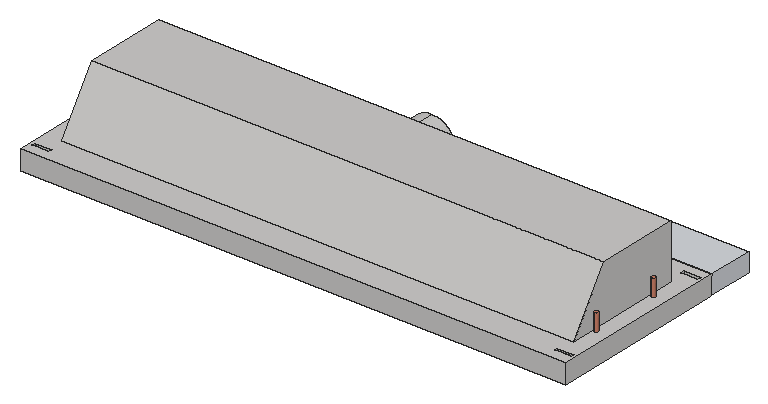
Revit family "HVAC-Chilled_Beam-Dadanco-ACB50-AC", category Mechanical Equipment, Revit 2018
Family settings
  Round Connector Dimension = Use Diameter
  Part Type = Normal
  OmniClass Number = 23.75.70.17.31
  OmniClass Title = Induction Units
  Work Plane-Based = No
  Always vertical = Yes
  Cut with Voids When Loaded = No
  Shared = No
  Room Calculation Point = No
Parameters (values of type "6' Nominal Length")
  Zone Name [instance] = ""
  Zone ID [instance] = ""
  Unit Width = 3' - 0"  # constant formula
  Unit Weight = if(Nominal Unit Length = 2' 0", "41 lb", if(Nominal Unit Length = 4' 0", "82 lb", if(Nominal Unit Length = 6' 0", "115 lb", if(Nominal Unit Length = 8' 0", "146 lb", if(Nominal Unit Length = 10' 0", "183 lb", "0 lb")))))  # "115 lb"
  Unit Tag [instance] = ""
  Unit Height = 0' - 9 3/4"  # constant formula
  Total Cooling Capacity = 0.0 Btu/h
  Supply Air Front [instance] = not(Supply Air Back)  # no
  Supply Air Back [instance] = yes
  Supply Air = 0 CFM
  Sound Level dBA = ""
  Sound Level NC = ""
  Secondary Air Sensible Heating = 0.0 Btu/h
  Secondary Air Sensible Cooling = 0.0 Btu/h
  SHHW Temperature = 0 °F
  SHHW Pressure Drop [instance] = HWPD  # 0 Pa
  SHHW Flow [instance] = HWF  # 0 GPM
  SCHW Temperature = 0 °F
  SCHW Pressure Drop [instance] = CWPD  # 0 Pa
  SCHW Flow [instance] = CWF  # 0 GPM
  Primary Air Static Pressure [instance] = PASP  # 0.00 in-wg
  Primary Air Inlet Top [instance] = not(Primary Air Inlet Back)  # no
  Primary Air Inlet Size = 0' - 6"
  Primary Air Inlet Back [instance] = yes
  Primary Air Flow Rate [instance] = PA  # 0 CFM
  PASP = 0.00 in-wg
  PA = 0 CFM
  Origin1 = Nominal Unit Length / 2  # 3' - 0"
  Nozzle Configuration = ""
  Nominal Unit Length = 6' - 0"
  Net Unit Heating Sensible = 0.0 Btu/h
  Net Unit Cooling Sensible = 0.0 Btu/h
  Model Number = ""
  Unit Length = Nominal Unit Length  # 6' - 0"
  URL = "http://www.dadanco.com/"
  Type Comments = "2-way Discharge Horizontal Coil"
  SHHW Temp Out = 0 °F
  SCHW Temp Out = 0 °F
  Product Page URL = "http://www.activechilledbeam.com/efficient_air_conditioning.asp"
  Latent Cooling = 0.0 Btu/h
  Keynote = "23 37 00.A1"
  Heating Supply Air Temperature = 0 °F
  Heating Room Dry Bulb = 0 °F
  Heating Primary Air Dry Bulb = 0 °F
  HWPD = 0 Pa
  HWF = 0 GPM
  Front Back Air Inlet [instance] = or(Primary Air Inlet Top, Primary Air Inlet Back)  # yes
  Pipe Material = Metal-Dadanco-Copper-Satin
  Pipe Coil Outlet = "2 Pipe Coi, 0.5 inch SWT Stub Coil Connection"
  Pipe Coil Inlet = "2 Pipe Coi, 0.5 inch SWT Stub Coil Connection"
  Documentation Link = "http://www.dadanco.com/ACB/air_conditioning_literature.asp?productLineID=30"
  Cooling Supply Air Temperature = 0 °F
  Cooling Room Relative Humidity = 0
  Cooling Room Dry Bulb = 0 °F
  Cooling Primary Air Wet Bulb = 0 °F
  Cooling Primary Air Dry Bulb = 0 °F
  Coil Connection Right [instance] = yes
  Coil Connection Left [instance] = not(Coil Connection Right)  # no
  Revision Date = "07/19/2010"  # constant formula
  Model = "ACB40"  # constant formula
  Manufacturer = "Dadanco"  # constant formula
  Housing Material = Metal-Dadanco-Steel-Galvanized
  Description = "Active Chilled Beam"  # constant formula
  CWPD = 0 Pa
  CWF = 0 GPM
  Architectural Design Manual = "http://www.activechilledbeam.com/efficient_air_conditioning.asp"
  4 Pipe Coil Configuration Right [instance] = and([4 Pipe Coil Configuration], Coil Connection Right)  # no
  4 Pipe Coil Configuration Left [instance] = and([4 Pipe Coil Configuration], Coil Connection Left)  # no
  4 Pipe Coil Configuration = if([2 or 4 pipe] = 4, 1 = 1, 1 = 0)  # no
  2 or 4 pipe = 2
  2 Pipe Coil Configuration = if([2 or 4 pipe] = 2, 1 = 1, 1 = 0)  # yes
  Assembly Code = "D3040100"
Types (6): name | Unit Weight | Primary Air Inlet Top | Primary Air Inlet Back | Origin1 | Nominal Unit Length | Unit Length
  (no name) | "115 lb" | no | yes | 3' - 0" | 6' - 0" | 6' - 0"
  4' Nominal Length | "82 lb" | yes | no | 2' - 0" | 4' - 0" | 4' - 0"
  2' Nominal Length | "41 lb" | yes | no | 1' - 0" | 2' - 0" | 2' - 0"
  6' Nominal Length | "115 lb" | no | yes | 3' - 0" | 6' - 0" | 6' - 0"
  8' Nominal Length | "146 lb" | no | yes | 4' - 0" | 8' - 0" | 8' - 0"
  10' Nominal Length | "183 lb" | no | yes | 5' - 0" | 10' - 0" | 10' - 0"
Reference planes (in)
  plane 1 "Center (Front/Back)": y = 0.77127
  plane 2 "Top Face of Plenum": z = 9.75
  plane 3 "Center (Left/Right)": x = 0.55581
  plane 4 "Right End": x = 36.55581
  plane 5 "Bottom Face": z = 0
  plane 6 "Left End": x = -35.44419
  plane 7: y = -11.10373
  plane 8: z = 6.111
  plane 9: x = -33.48019
  plane 10: x = 34.59181
  plane 11: y = 5.45827
  plane 12: y = 2.64627
  plane 13: y = -1.10373
  plane 14: y = -3.91573
  plane 15: z = 5.047
Forms (in)
  Extrusion 1, solid, material "Metal-Dadanco-Steel-Galvanized" <- "Housing Material"
    sketch origin (0.55581, 0, 0) x (0, 1, 0) y (0, 0, 1)
      loop
        line (12.64627, 0) -> (13.02127, 0) -> (13.02127, 2.511) -> (9.02127, 2.511) -> (9.02127, 9.761) -> (-1.97873, 9.761) -> (-6.99196, 2.511) -> (-10.99196, 2.511) -> (-10.99196, 0) -> (12.64627, 0)
    from -36 to 36
  Extrusion 2, solid, material "Metal-Dadanco-Steel-Galvanized", visible <- "Primary Air Inlet Back", detail levels medium+fine
    sketch origin (0.55581, 9.02127, 2.511) x (0, 0, 1) y (1, 0, 0)
      loop
        circle (3.719, 0) r 3
    from 0 to 2.83
  Extrusion 3, void
    sketch origin (36.55581, 0, 0) x (0, -1, 0) y (0, 0, 1)
      loop
        line (6.99196, 9.761) -> (-9.02127, 9.761) -> (-9.02127, 2.511) -> (6.99196, 2.511) -> (6.99196, 9.761)
    from 0 to 2.27344
  Extrusion 4, void
    sketch origin (-35.44419, 0, 0) x (0, 1, 0) y (0, 0, 1)
      loop
        line (9.02127, 9.761) -> (-6.99196, 9.761) -> (-6.99196, 2.511) -> (9.02127, 2.511) -> (9.02127, 9.761)
    from 0 to 2.27344
  Extrusion 5, solid, material "Metal-Dadanco-Copper-Satin" <- "Pipe Material", visible <- "Coil Connection Left", detail levels medium+fine
    sketch origin (0.45581, 13.58377, 2.511) x (0, -1, 0) y (1, 0, 0)
      loop
        circle (7.841, -34.036) r 0.25
    from 0 to 2.14844
  Extrusion 6, solid, material "Metal-Dadanco-Copper-Satin" <- "Pipe Material", visible <- "4 Pipe Coil Configuration Left", detail levels medium+fine
    sketch origin (0.45581, 13.24627, 2.511) x (0, -1, 0) y (1, 0, 0)
      loop
        circle (10.653, -34.036) r 0.25
    from 0 to 2.14844
  Extrusion 7, solid, material "Metal-Dadanco-Copper-Satin" <- "Pipe Material", visible <- "4 Pipe Coil Configuration Left", detail levels medium+fine
    sketch origin (0.45581, 13.24627, 2.511) x (0, -1, 0) y (1, 0, 0)
      loop
        circle (14.403, -34.036) r 0.25
    from 0 to 2.14844
  Extrusion 8, solid, material "Metal-Dadanco-Copper-Satin" <- "Pipe Material", visible <- "Coil Connection Left", detail levels medium+fine
    sketch origin (0.45581, 13.54627, 2.511) x (0, -1, 0) y (1, 0, 0)
      loop
        circle (17.215, -34.036) r 0.25
    from 0 to 2.14844
  Extrusion 9, solid, material "Metal-Dadanco-Copper-Satin" <- "Pipe Material", visible <- "Coil Connection Right", detail levels medium+fine
    sketch origin (0.68081, 13.48127, 2.511) x (0, -1, 0) y (1, 0, 0)
      loop
        circle (7.74827, 34.01152) r 0.25
    from 0 to 2.14844
  Extrusion 10, solid, material "Metal-Dadanco-Copper-Satin" <- "Pipe Material", visible <- "4 Pipe Coil Configuration Right", detail levels medium+fine
    sketch origin (0.65581, 13.24002, 2.511) x (0, -1, 0) y (1, 0, 0)
      loop
        circle (10.653, 34.036) r 0.25
    from 0 to 2.14844
  Extrusion 11, solid, material "Metal-Dadanco-Copper-Satin" <- "Pipe Material", visible <- "4 Pipe Coil Configuration Right", detail levels medium+fine
    sketch origin (0.65581, 13.23127, 2.511) x (0, -1, 0) y (1, 0, 0)
      loop
        circle (14.403, 34.036) r 0.25
    from 0 to 2.14844
  Extrusion 12, solid, material "Metal-Dadanco-Copper-Satin" <- "Pipe Material", visible <- "Coil Connection Right", detail levels medium+fine
    sketch origin (0.65581, 13.55127, 2.511) x (0, -1, 0) y (1, 0, 0)
      loop
        circle (17.215, 34.036) r 0.25
    from 0 to 2.14844
  Extrusion 13, solid, material "Metal-Dadanco-Steel-Galvanized", visible <- "Primary Air Inlet Top", detail levels medium+fine
    sketch origin (0.55581, 11.77377, 9.761) x (0, -1, 0) y (1, 0, 0)
      loop
        circle (8.25, 0) r 3
    from 0 to 3.30078
  Extrusion 14, void
    sketch origin (1.63581, 20.91927, 2.511) x (1, 0, 0) y (0, -1, 0)
      loop
        line (34.5, 30.528) -> (32.25, 30.528) -> (32.25, 30.088) -> (34.5, 30.088) -> (34.5, 30.528)
    from 0 to 2.14844
  Extrusion 15, void
    sketch origin (1.63581, 41.07627, 2.511) x (1, 0, 0) y (0, -1, 0)
      loop
        line (34.5, 29.875) -> (32.25, 29.875) -> (32.25, 29.435) -> (34.5, 29.435) -> (34.5, 29.875)
    from 0 to 2.14844
  Extrusion 16, void
    sketch origin (-91.27419, 41.07627, 2.511) x (1, 0, 0) y (0, -1, 0)
      loop
        line (58.5, 29.875) -> (56.25, 29.875) -> (56.25, 29.435) -> (58.5, 29.435) -> (58.5, 29.875)
    from 0 to 2.14844
  Extrusion 17, void
    sketch origin (-91.27419, 20.26627, 2.511) x (1, 0, 0) y (0, -1, 0)
      loop
        line (58.5, 29.875) -> (56.25, 29.875) -> (56.25, 29.435) -> (58.5, 29.435) -> (58.5, 29.875)
    from 0 to 2.14844
  Extrusion 18, solid, material "Metal-Dadanco-Steel-Galvanized" <- "Housing Material", visible <- "Supply Air Front"
    sketch origin (-35.44419, 29.0104, 48) x (0, 1, 0) y (0, 0, 1)
      loop
        line (-39.99788, -45.48836) -> (-45.99788, -45.48836) -> (-45.99788, -47.98836) -> (-39.99788, -47.98836) -> (-39.99788, -45.48836)
    from 0 to 72 <- "Unit Length"
  Extrusion 19, solid, visible <- "Supply Air Back"
    sketch origin (-35.44419, 29.0104, 48) x (0, 1, 0) y (0, 0, 1)
      loop
        line (-15.99788, -45.47596) -> (-15.99788, -47.97596) -> (-9.99788, -47.97596) -> (-9.99788, -45.47596) -> (-15.99788, -45.47596)
    from 0 to 72 <- "Unit Length"
Cuts and joins
  Extrusion 3, Extrusion 4, Extrusion 14, Extrusion 15, Extrusion 16, Extrusion 17 cuts Extrusion 1
Lines and regions (in)
  symbolic lines, detail levels medium+fine
    curve 1: line (-35.44419, 10.49127, 4.95212) -> (36.55581, 10.49127, 4.95212)
    curve 2: line (-35.44419, -8.82373, 4.95212) -> (36.55581, -8.82373, 4.95212)
  model lines, detail levels medium+fine
    curve 3: line (-35.44419, -5.35623, 0) -> (36.55581, -5.35623, 0)
    curve 4: line (-35.44419, 7.02377, 0) -> (36.55581, 7.02377, 0)
  symbolic lines, not visible, detail levels medium+fine
    curve 5: arc (0.43081, -5.48123, 7.73) -> (0.55581, -5.48123, 7.855) -> (0.68081, -5.48123, 7.73) r 0.125
    curve 6: arc (0.68081, -5.48123, 7.73) -> (0.55581, -5.48123, 7.605) -> (0.43081, -5.48123, 7.73) r 0.125
  symbolic lines, detail levels fine
    curve 7: line (-35.44419, 7.95719, 4.13) -> (36.55581, 7.95719, 4.13)
    curve 8: line (-35.44419, -6.28965, 4.13) -> (36.55581, -6.28965, 4.13)
Dimensions and locks (in)
  equal spacing: plane 6 "Left End", plane 3 "Center (Left/Right)", plane 4 "Right End"
  "Unit Length": plane 6 "Left End" to plane 4 "Right End"
  "Unit Height": plane 2 "Top Face of Plenum" to plane 5 "Bottom Face"
  Extrusion 2 to Extrusion 2 = 0' - 2.83"
  plane 7 to plane 1 "Center (Front/Back)" = 0' - 11 7/8"
  plane 5 "Bottom Face" to plane 8 = 0' - 6.111"
  locked: plane 3 "Center (Left/Right)" to Extrusion 2 sketch curve at 0
  locked: plane 1 "Center (Front/Back)" to plane 11 at 4.687
  locked: plane 1 "Center (Front/Back)" to plane 12 at 1.875
  locked: plane 13 to plane 1 "Center (Front/Back)" at 1.875
  locked: plane 14 to plane 1 "Center (Front/Back)" at 4.687
  locked: plane 6 "Left End" to plane 9 at 1.964
  locked: plane 10 to plane 4 "Right End" at 1.964
  plane 1 "Center (Front/Back)" to Extrusion 13 sketch curve = 0' - 2.7525"
  locked: Extrusion 13 sketch curve to plane 3 "Center (Left/Right)" at 0
  aligned and locked: plane 5 "Bottom Face" to level
  aligned and locked: Extrusion 1 to plane 6 "Left End"
  aligned and locked: Extrusion 1 to plane 4 "Right End"
  aligned and locked: Extrusion 3 sketch curve to cut or joined group of Extrusion 1, Extrusion 3, Extrusion 4, Extrusion 14, Extrusion 15, Extrusion 16, Extrusion 17
  aligned and locked: Extrusion 4 sketch curve to cut or joined group of Extrusion 1, Extrusion 3, Extrusion 4, Extrusion 14, Extrusion 15, Extrusion 16, Extrusion 17  (x2)
Automatic sketch dimensions
  curve 3 to plane 14 = 0' - 1.4405"
  curve 4 to plane 11 = 0' - 1.5655"
  curve 1 to plane 4 "Right End" = 0' - 0"
  curve 1 to plane 6 "Left End" = 0' - 0"
  curve 2 to plane 4 "Right End" = 0' - 0"
  curve 2 to plane 6 "Left End" = 0' - 0"
  plane 11 to curve 1 = 0' - 5.033"
  plane 7 to curve 2 = 0' - 2.28"
  curve 5 to curve 6 = 0' - 0"  (x2)
  curve 6 to plane 3 "Center (Left/Right)" = 0' - 0"
  curve 6 to plane 2 "Top Face of Plenum" = 0' - 2.02"
  plane 3 "Center (Left/Right)" to curve 5 = 0' - 0 1/8"
  Extrusion 2 sketch curve to Extrusion 1 = 0' - 3.531"
  curve 7 to plane 4 "Right End" = 0' - 0"
  curve 7 to plane 6 "Left End" = 0' - 0"
  curve 8 to plane 4 "Right End" = 0' - 0"
  curve 8 to plane 6 "Left End" = 0' - 0"
  plane 11 to curve 7 = 0' - 2.49892"
  plane 14 to curve 8 = 0' - 2.37392"
  Extrusion 14 sketch curve to Extrusion 14 sketch curve = 0' - 0.44"
  Extrusion 15 sketch curve to plane 10 = 0' - 0.706"
  plane 4 "Right End" to Extrusion 15 sketch curve = 0' - 0.42"
  plane 11 to Extrusion 15 sketch curve = 0' - 5.743"
  Extrusion 15 sketch curve to Extrusion 15 sketch curve = 0' - 0.44"
  plane 6 "Left End" to Extrusion 16 sketch curve = 0' - 0.42"
  plane 9 to Extrusion 16 sketch curve = 0' - 0.706"
  plane 11 to Extrusion 16 sketch curve = 0' - 5.743"
  Extrusion 16 sketch curve to Extrusion 16 sketch curve = 0' - 0.44"
  Extrusion 17 sketch curve to plane 9 = 0' - 1.544"
  plane 9 to Extrusion 17 sketch curve = 0' - 0.706"
  Extrusion 17 sketch curve to plane 11 = 1' - 3.067"
  Extrusion 17 sketch curve to Extrusion 17 sketch curve = 0' - 0.44"
  Extrusion 3 sketch curve to Extrusion 1 = 0' - 0"
  Extrusion 1 to Extrusion 3 sketch curve = 0' - 0"  (x2)
  Extrusion 5 sketch curve to plane 9 = 0' - 0.1"
  plane 11 to Extrusion 5 sketch curve = 0' - 0.2845"
  Extrusion 6 sketch curve to plane 9 = 0' - 0.1"
  plane 12 to Extrusion 6 sketch curve = 0' - 0.053"
  Extrusion 7 sketch curve to plane 9 = 0' - 0.1"
  plane 13 to Extrusion 7 sketch curve = 0' - 0.053"
  Extrusion 8 sketch curve to plane 9 = 0' - 0.1"
  Extrusion 8 sketch curve to plane 14 = 0' - 0.247"
  plane 10 to Extrusion 9 sketch curve = 0' - 0.10052"
  plane 11 to Extrusion 9 sketch curve = 0' - 0.27473"
  plane 10 to Extrusion 10 sketch curve = 0' - 0.1"
  plane 12 to Extrusion 10 sketch curve = 0' - 0.05925"
  plane 10 to Extrusion 11 sketch curve = 0' - 0.1"
  plane 13 to Extrusion 11 sketch curve = 0' - 0.068"
  plane 10 to Extrusion 12 sketch curve = 0' - 0.1"
  Extrusion 12 sketch curve to plane 14 = 0' - 0.252"
  Extrusion 14 sketch curve to plane 10 = 0' - 0.706"
  plane 4 "Right End" to Extrusion 14 sketch curve = 0' - 0.42"
  plane 7 to Extrusion 14 sketch curve = 0' - 1.495"
  curve 3 to plane 4 "Right End" = 0' - 0"
  curve 4 to plane 4 "Right End" = 0' - 0"
  curve 4 to plane 6 "Left End" = 0' - 0"
  curve 3 to plane 6 "Left End" = 0' - 0"
  Extrusion 19 sketch curve to plane 15 = 0' - 2.52296"
  plane 11 to Extrusion 19 sketch curve = 0' - 7.55425"
  level to Extrusion 19 sketch curve = 0' - 0.02404"
  Extrusion 19 sketch curve to Extrusion 19 sketch curve = 0' - 6"
  level to Extrusion 18 sketch curve = 0' - 2.51164"
  Extrusion 18 sketch curve to plane 7 = 0' - 5.88375"
  level to Extrusion 18 sketch curve = 0' - 0.01164"
  plane 7 to Extrusion 18 sketch curve = 0' - 0.11625"
  Extrusion 1 to Extrusion 4 sketch curve = 0' - 0"
  Extrusion 4 sketch curve to Extrusion 1 = 0' - 0"
  level to Extrusion 1 sketch curve = 0' - 0"
  plane 7 to Extrusion 1 sketch curve = 0' - 0.11177"
  plane 14 to Extrusion 1 sketch curve = 0' - 3.07623"
  plane 11 to Extrusion 1 sketch curve = 0' - 3.563"
  Extrusion 1 sketch curve to Extrusion 1 sketch curve = 0' - 3 5/8"
  Extrusion 1 sketch curve to Extrusion 1 sketch curve = 0' - 0 3/8"
  Extrusion 1 sketch curve to Extrusion 1 sketch curve = 0' - 2.511"  (x2)
  plane 2 "Top Face of Plenum" to Extrusion 1 sketch curve = 0' - 0.011"
  plane 13 to Extrusion 1 sketch curve = 0' - 0 7/8"
  radius of Extrusion 2 sketch curve = 0' - 3"
  radius of Extrusion 5 sketch curve = 0' - 0 1/4"
  radius of Extrusion 6 sketch curve = 0' - 0 1/4"
  radius of Extrusion 7 sketch curve = 0' - 0 1/4"
  radius of Extrusion 8 sketch curve = 0' - 0 1/4"
  radius of Extrusion 9 sketch curve = 0' - 0 1/4"
  radius of Extrusion 10 sketch curve = 0' - 0 1/4"
  radius of Extrusion 11 sketch curve = 0' - 0 1/4"
  radius of Extrusion 12 sketch curve = 0' - 0 1/4"
  radius of Extrusion 13 sketch curve = 0' - 3"
Connectors (in)
  hvac at (0.55581, 11.85127, 6.23), driven by "Primary Air Flow Rate", driven by "Primary Air Static Pressure", driven by "Primary Air Inlet Size"
    settings: on Extrusion 2, index 3, duct flow 0 CFM, flow factor 0, pres drop 0.00 in-wg, loss coef 0, conn angle 0.00°, conn width 7 215/256", conn height 2 41/64", conn diameter 6", duct sys type 1, conn prof type 0, flow config 1, flow direction 1, loss method 4, conn ref index -1, conn util no, is conn primary yes, conn desc "Primary Air Inlet Back (E)"
  piping at (34.69181, -3.66373, 4.65944), diameter 0.5, driven by "SCHW Flow"
    settings: on Extrusion 12, index 13, connector inside diameter 24", connector length 0' - 0", flow factor 0, pipe flow 0 GPM, pressure drop 0 Pa, fitting loss kfactor 0, connector angle 0.00°, fixture units 0, engagement length 0' - 0", angle of deflection 0.00°, flow configuration 1, flow direction 1, fitting loss method 0, system type 7, joint type 0, gender type 0, connector reference index -1, connector utility 0, adjustable connector no, is connector primary yes, connector description "SCHW Supply Right"
  piping at (34.69181, -1.17173, 4.65944), diameter 0.5, driven by "SHHW Flow"
    settings: on Extrusion 11, index 14, connector inside diameter 24", connector length 0' - 0", flow factor 0, pipe flow 0 GPM, pressure drop 0 Pa, fitting loss kfactor 0, connector angle 0.00°, fixture units 0, engagement length 0' - 0", angle of deflection 0.00°, flow configuration 1, flow direction 1, fitting loss method 0, system type 7, joint type 0, gender type 0, connector reference index -1, connector utility 0, adjustable connector no, is connector primary no, connector description "SHHW Supply Right"
  piping at (34.69181, 2.58702, 4.65944), diameter 0.5, driven by "SHHW Flow", driven by "SHHW Pressure Drop"
    settings: on Extrusion 10, index 15, connector inside diameter 24", connector length 0' - 0", flow factor 0, pipe flow 0 GPM, pressure drop 0 Pa, fitting loss kfactor 0, connector angle 0.00°, fixture units 0, engagement length 0' - 0", angle of deflection 0.00°, flow configuration 1, flow direction 2, fitting loss method 4, system type 8, joint type 0, gender type 0, connector reference index -1, connector utility 0, adjustable connector no, is connector primary no, connector description "SHHW Return Right"
  piping at (34.69233, 5.733, 4.65944), diameter 0.5, driven by "SCHW Flow", driven by "SCHW Pressure Drop"
    settings: on Extrusion 9, index 16, connector inside diameter 24", connector length 0' - 0", flow factor 0, pipe flow 0 GPM, pressure drop 0 Pa, fitting loss kfactor 0, connector angle 0.00°, fixture units 0, engagement length 0' - 0", angle of deflection 0.00°, flow configuration 1, flow direction 2, fitting loss method 4, system type 8, joint type 0, gender type 0, connector reference index -1, connector utility 0, adjustable connector no, is connector primary no, connector description "SCHW Return Right"
  piping at (-33.58019, 5.74277, 4.65944), diameter 0.5, driven by "SCHW Flow", driven by "SCHW Pressure Drop"
    settings: on Extrusion 5, index 17, connector inside diameter 24", connector length 0' - 0", flow factor 0, pipe flow 0 GPM, pressure drop 0 Pa, fitting loss kfactor 0, connector angle 0.00°, fixture units 0, engagement length 0' - 0", angle of deflection 0.00°, flow configuration 1, flow direction 2, fitting loss method 4, system type 8, joint type 0, gender type 0, connector reference index -1, connector utility 0, adjustable connector no, is connector primary no, connector description "SCHW Return Left"
  piping at (-33.58019, 2.59327, 4.65944), diameter 0.5, driven by "SHHW Flow", driven by "SHHW Pressure Drop"
    settings: on Extrusion 6, index 18, connector inside diameter 24", connector length 0' - 0", flow factor 0, pipe flow 0 GPM, pressure drop 0 Pa, fitting loss kfactor 0, connector angle 0.00°, fixture units 0, engagement length 0' - 0", angle of deflection 0.00°, flow configuration 1, flow direction 2, fitting loss method 4, system type 8, joint type 0, gender type 0, connector reference index -1, connector utility 0, adjustable connector no, is connector primary no, connector description "SHHW Return Left"
  piping at (-33.58019, -1.15673, 4.65944), diameter 0.5, driven by "SHHW Flow"
    settings: on Extrusion 7, index 19, connector inside diameter 24", connector length 0' - 0", flow factor 0, pipe flow 0 GPM, pressure drop 0 Pa, fitting loss kfactor 0, connector angle 0.00°, fixture units 0, engagement length 0' - 0", angle of deflection 0.00°, flow configuration 1, flow direction 1, fitting loss method 0, system type 7, joint type 0, gender type 0, connector reference index -1, connector utility 0, adjustable connector no, is connector primary no, connector description "SHHW Supply Left"
  piping at (-33.58019, -3.66873, 4.65944), diameter 0.5, driven by "SCHW Flow"
    settings: on Extrusion 8, index 20, connector inside diameter 24", connector length 0' - 0", flow factor 0, pipe flow 0 GPM, pressure drop 0 Pa, fitting loss kfactor 0, connector angle 0.00°, fixture units 0, engagement length 0' - 0", angle of deflection 0.00°, flow configuration 1, flow direction 1, fitting loss method 0, system type 7, joint type 0, gender type 0, connector reference index -1, connector utility 0, adjustable connector no, is connector primary no, connector description "SCHW Supply Left"
  hvac at (0.55581, 3.52377, 13.06178), driven by "Primary Air Static Pressure", driven by "Primary Air Flow Rate", driven by "Primary Air Inlet Size"
    settings: on Extrusion 13, index 21, duct flow 0 CFM, flow factor 0, pres drop 0.00 in-wg, loss coef 0, conn angle 0.00°, conn width 12", conn height 12", conn diameter 6", duct sys type 1, conn prof type 0, flow config 1, flow direction 1, loss method 4, conn ref index -1, conn util no, is conn primary no, conn desc "Primary Air Inlet Top"
